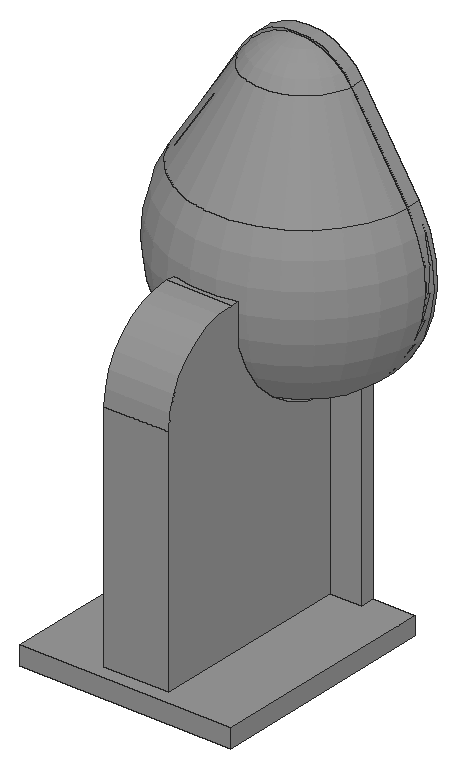
Revit family "Toilet-Willoughby-ETWS-1490-CM-TS", category Plumbing Fixtures, Revit 2015
Parameters (values of type "Standard")
  Waste DIA = 2 3/8"
  Waste Connection = yes
  W-RAD [instance] = Waste DIA / 2  # 0' - 1 3/16"
  Vent Connection = no
  URL = "https://www.willoughby-ind.com/wp-content/uploads/2018/01/ETWS-1490-CM.pdf"
  Type Comments = ""
  Revision = "A"
  Model = "ETWS-1490-CM-TS"
  Manufacturer = "Willoughby Industries"
  HW Connection = no
  Flush inlet DIA = 1 1/2"
  Flush Inlet Connection = yes
  Fixture Body = Stainless Steel AISI 304-Willoughby
  F-RAD [instance] = Flush inlet DIA / 2  # 0' - 0 3/4"
  Description = "Carrier Mounted Siphon Jet Flush Toilet, Top Spud"
  Default Elevation = 0' - 0"
  Contact Number = "(800) 428-4065"
  CW Connection = no
Reference planes (in)
  plane 1 "Base": y = -16.25
  plane 2: z = 0
  plane 3 "Center": x = 18.31072
  plane 4 "Seat HGT": y = -1.25
  plane 5: y = -2.125
  plane 6: x = 16.56072
  plane 7: x = 20.06072
  plane 8: x = 12.56072
  plane 9: x = 24.06072
  plane 10: z = 2.70924
  plane 11 "Waste HGT": y = -10.75
  plane 12 "Unit Base Off Floor": y = -13.75
Forms (in)
  Extrusion 1, solid, material "Stainless Steel AISI 304-Willoughby" <- "Fixture Body"
    sketch origin (16.08109, 7.47968, -5.1422) x (-1, 0, 0) y (0, 0, -1)
      loop
        line (1.29775, -16.80087) -> (1.29775, -6.1422) -> (-5.72963, -6.1422) -> (-5.72963, -16.81676)
        arc (-5.72963, -16.81676) -> (-8.98136, -21.11843) -> (-8.21015, -26.45542) r 7
        line (-8.21015, -26.45542) -> (-5.16818, -31.31054)
        arc (-5.16818, -31.31054) -> (-2.20225, -32.95225) -> (0.76368, -31.31054) r 3.5
        line (0.76368, -31.31054) -> (3.80565, -26.45542)
        arc (3.80565, -26.45542) -> (4.5729, -21.10311) -> (1.29775, -16.80087) r 7
      loop
        arc (2.03989, -24.70557) -> (-2.20225, -18.23804) -> (-6.44438, -24.70557) r 4.625
        line (-6.44438, -24.70557) -> (-4.04125, -30.23842)
        arc (-4.04125, -30.23842) -> (-2.20225, -31.45225) -> (-0.36324, -30.23842) r 2
        line (-0.36324, -30.23842) -> (2.03989, -24.70557)
    from 8.72968 to 9.5
  Revolve 2, solid, material "Stainless Steel AISI 304-Willoughby" <- "Fixture Body"
    sketch origin (19.37246, -1.52032, -1.93826) x (-1, 0, 0) y (0, 0, -1)
      loop
        line (1.06174, -12.59906) -> (1.06174, -12.84906)
        arc (1.06174, -12.84906) -> (6.96784, -16.33096) -> (6.78077, -23.18447) r 6.75
        line (6.78077, -23.18447) -> (3.81535, -27.91457)
        arc (3.81535, -27.91457) -> (2.63527, -29.03194) -> (1.06174, -29.43826) r 3.25
        line (1.06174, -29.43826) -> (1.06174, -29.68826)
        arc (1.06174, -29.68826) -> (2.75672, -29.25045) -> (4.02767, -28.04656) r 3.5
        line (4.02767, -28.04656) -> (7.06964, -23.19143)
        arc (7.06964, -23.19143) -> (7.15052, -16.14555) -> (1.06174, -12.59906) r 7
      axis (1.06174, -12.59906) -> (1.06174, -29.68826)
    angle from 0 to -180
  Extrusion 3, solid, material "Stainless Steel AISI 304-Willoughby" <- "Fixture Body"
    sketch origin (19.53334, -3.02032, -2.9508) x (0, 1, 0) y (0, 0, 1)
      loop
        line (-5.27082, 3.9508) -> (1, 3.9508) -> (1, 13.76086)
        arc (1, 13.76086) -> (-2.93256, 15.26109) -> (-5.27082, 18.76086) r 6.92744
        line (-5.27082, 18.76086) -> (-5.27082, 3.9508)
    from 0.52738 to -2.97262
  Extrusion 4, solid, material "Stainless Steel AISI 304-Willoughby" <- "Fixture Body"
    sketch origin (17.03334, 25.15042, -2.30581) x (0, 1, 0) y (0, 0, 1)
      loop
        line (-33.44156, 3.30581) -> (-33.44156, 20.30581) -> (-33.87467, 20.30581)
        arc (-33.87467, 20.30581) -> (-36.89808, 19.05347) -> (-38.15042, 16.03006) r 4.27575
        line (-38.15042, 16.03006) -> (-38.15042, 3.30581) -> (-33.44156, 3.30581)
    from -0.47262 to 3.02738
  Extrusion 5, solid, material "Stainless Steel AISI 304-Willoughby" <- "Fixture Body"
    sketch origin (4.30355, 0.58522, 0) x (1, 0, 0) y (0, 1, 0)
      loop
        circle (14.00717, -11.33522) r 1.1875
    from 5.5 to 0
  Extrusion 6, solid, material "Stainless Steel AISI 304-Willoughby" <- "Fixture Body"
    sketch origin (0, 1.11185, 0) x (1, 0, 0) y (0, 0, 1)
      loop
        circle (18.31072, 2.70924) r 0.75
    from 2.36185 to 1.42435
  Extrusion 7, solid, material "Stainless Steel AISI 304-Willoughby" <- "Fixture Body"
    sketch origin (0, -16.25, 0) x (1, 0, 0) y (0, 0, 1)
      loop
        line (24.06072, 0) -> (24.06072, 1) -> (12.56072, 1) -> (12.56072, 0) -> (24.06072, 0)
    from -15 to -2.5
Cuts and joins
  joined: Extrusion 1, Extrusion 3, Extrusion 4, Extrusion 7
Lines and regions (in)
  symbolic lines
    curve 1: line (11.28334, -2.02032, 0) -> (11.28334, -1.25, 0)
    curve 2: line (11.28334, -1.25, 0) -> (25.28334, -1.25, 0)
    curve 3: line (25.28334, -1.25, 0) -> (25.28334, -2.02032, 0)
    curve 4: arc (25.28334, -2.02032, 0) -> (23.08792, -6.65567, 0) -> (18.31072, -8.52239, 0) r 6.949
    curve 5: arc (18.31072, -8.52239, 0) -> (13.53397, -6.63646, 0) -> (11.28334, -2.02032, 0) r 7.09061
    curve 6: line (20.06072, -8.30831, 0) -> (20.06072, -13, 0)
    curve 7: line (20.06072, -13, 0) -> (16.56072, -13, 0)
    curve 8: line (16.56072, -13, 0) -> (16.56072, -8.29316, 0)
    curve 9: line (24.06072, -5.53097, 0) -> (24.06072, -13.75, 0)
    curve 10: line (24.06072, -13.75, 0) -> (12.56072, -13.75, 0)
    curve 11: line (12.56072, -13.75, 0) -> (12.56072, -5.52663, 0)
    curve 12: line (14.78334, -16.25, 11.65867) -> (14.78334, -16.25, 1)
    curve 13: line (14.78334, -16.25, 1) -> (12.56072, -16.25, 1)
    curve 14: line (12.56072, -16.25, 1) -> (12.56072, -16.25, 0)
    curve 15: line (12.56072, -16.25, 0) -> (24.06072, -16.25, 0)
    curve 16: line (24.06072, -16.25, 0) -> (24.06072, -16.25, 1)
    curve 17: line (24.06072, -16.25, 1) -> (21.81072, -16.25, 1)
    curve 18: line (21.81072, -16.25, 1) -> (21.81072, -16.25, 11.67456)
    curve 19: arc (21.81072, -16.25, 11.67456) -> (25.05562, -16.25, 15.94259) -> (24.31862, -16.25, 21.25317) r 6.98362
    curve 20: line (24.31862, -16.25, 21.25317) -> (21.25205, -16.25, 26.1639)
    curve 21: arc (21.25205, -16.25, 26.1639) -> (19.99152, -16.25, 27.34663) -> (18.31072, -16.25, 27.75) r 3.3743
    curve 22: arc (18.31072, -16.25, 27.75) -> (16.6278, -16.25, 27.31167) -> (15.31741, -16.25, 26.16835) r 3.79289
    curve 23: line (15.31741, -16.25, 26.16835) -> (12.35249, -16.25, 21.43905)
    curve 24: arc (12.35249, -16.25, 21.43905) -> (11.49002, -16.25, 16.03241) -> (14.78334, -16.25, 11.65867) r 7
    curve 30: line (18.31072, -13, 1) -> (18.31072, -13.75, 1)
    curve 31: line (18.31072, -13.75, 1) -> (18.31072, -13.75, 0)
    curve 32: line (18.31072, -13.75, 0) -> (18.31072, -1.25, 0)
    curve 33: line (18.31072, -1.25, 0) -> (18.31072, -1.25, 27.81005)
    curve 34: line (18.31072, -1.25, 27.81005) -> (18.31072, -2.02032, 27.81005)
    curve 35: arc (18.31072, -2.02032, 27.81005) -> (18.31072, -3.30332, 27.26109) -> (18.31072, -4.32667, 26.31229) r 4.08482
    curve 36: line (18.31072, -4.32667, 26.31229) -> (18.31072, -7.52822, 21.25317)
    curve 37: arc (18.31072, -7.52822, 21.25317) -> (18.31072, -8.24035, 19.69354) -> (18.31072, -8.50769, 18) r 6.3284
    curve 38: line (18.31072, -8.29114, 18) -> (18.31072, -8.72425, 18)
    curve 39: arc (18.31072, -8.72425, 18) -> (18.31072, -11.74766, 16.74766) -> (18.31072, -13, 13.72425) r 4.27575
    curve 40: line (18.31072, -13, 13.72425) -> (18.31072, -13, 1)
    curve 41: line (18.31072, -2.02032, 1) -> (18.31072, -2.02032, 11.65867)
    curve 42: line (18.31072, -2.02032, 11.65867) -> (18.31072, -1.25, 11.65867)
    curve 43: arc (18.31072, -2.02032, 10.81005) -> (18.31072, -5.95289, 12.31029) -> (18.31072, -8.29114, 15.81005) r 6.92744
    curve 44: line (18.31072, -8.29114, 15.81005) -> (18.31072, -8.29114, 18)
    curve 45: line (18.31072, -13, 1) -> (18.31072, -2.02032, 1)
    curve 46: line (18.31072, -2.02032, 1) -> (18.31072, -1.25, 1)
  symbolic lines, detail levels fine
    curve 25: arc (14.0412, -16.25, 19.56337) -> (18.28334, -16.25, 13.09585) -> (22.52547, -16.25, 19.56337) r 4.625
    curve 26: line (22.52547, -16.25, 19.56337) -> (20.12234, -16.25, 25.09622)
    curve 27: arc (20.12234, -16.25, 25.09622) -> (19.38317, -16.25, 25.97635) -> (18.28334, -16.25, 26.31005) r 2.01767
    curve 28: arc (18.28334, -16.25, 26.31005) -> (17.17969, -16.25, 25.98213) -> (16.44433, -16.25, 25.09622) r 1.9827
    curve 29: line (16.44433, -16.25, 25.09622) -> (14.0412, -16.25, 19.56337)
Dimensions and locks (in)
  plane 1 "Base" to plane 4 "Seat HGT" = 1' - 3"
  plane 1 "Base" to plane 11 "Waste HGT" = 0' - 5 1/2"
  plane 9 to plane 8 = 0' - 11 1/2"
  plane 8 to plane 9 = 0' - 11 1/2"
  plane 8 to plane 3 "Center" = 0' - 5 3/4"
  plane 1 "Base" to plane 12 "Unit Base Off Floor" = 0' - 2 1/2"
  "W-RAD": radius of Extrusion 5 sketch curve
  "F-RAD": radius of Extrusion 6 sketch curve
  aligned and locked: plane 3 "Center" to Extrusion 6 sketch curve
  aligned and locked: plane 10 to Extrusion 6 sketch curve
  aligned and locked: plane 11 "Waste HGT" to Extrusion 5 sketch curve
  aligned and locked: plane 3 "Center" to Extrusion 5 sketch curve
  aligned and locked: cut or joined group of Extrusion 1, Extrusion 3, Extrusion 4, Extrusion 7 to level
  aligned and locked: plane 4 "Seat HGT" to cut or joined group of Extrusion 1, Extrusion 3, Extrusion 4, Extrusion 7
Automatic sketch dimensions
  Extrusion 1 sketch curve to Extrusion 1 sketch curve = 0' - 0"  (x8)
  level to Extrusion 1 sketch curve = 0' - 1"
  plane 3 "Center" to Extrusion 1 sketch curve = 0' - 5.98052"
  Extrusion 1 sketch curve to Extrusion 1 sketch curve = 0' - 1.76576"  (x2)
  plane 3 "Center" to Extrusion 1 sketch curve = 0' - 3 1/2"
  plane 3 "Center" to Extrusion 1 sketch curve = 0' - 2.93855"
  Extrusion 1 sketch curve to Extrusion 1 sketch curve = 0' - 1.12693"  (x2)
  Extrusion 1 sketch curve to plane 3 "Center" = 0' - 0.02738"  (x2)
  Extrusion 1 sketch curve to plane 3 "Center" = 0' - 1.86639"
  Extrusion 1 sketch curve to plane 3 "Center" = 0' - 3.52738"
  Extrusion 1 sketch curve to plane 3 "Center" = 0' - 4 69/256"
  Extrusion 1 sketch curve to Extrusion 1 sketch curve = 0' - 10.65867"
  Extrusion 1 sketch curve to Extrusion 1 sketch curve = 0' - 0.01589"
  Extrusion 1 sketch curve to Extrusion 1 sketch curve = 0' - 6.06218"
  Extrusion 1 sketch curve to Extrusion 1 sketch curve = 0' - 1.74985"
  Extrusion 1 sketch curve to Extrusion 1 sketch curve = 0' - 4.74668"
  Extrusion 1 sketch curve to Extrusion 1 sketch curve = 0' - 0.78617"
  Extrusion 1 sketch curve to Extrusion 1 sketch curve = 0' - 1.07212"
  Revolve 2 sketch curve to Revolve 2 sketch curve = 0' - 0"  (x2)
  Revolve 2 sketch curve to plane 3 "Center" = 0' - 0"  (x3)
  plane 3 "Center" to Revolve 2 sketch curve = 0' - 0"
  Revolve 2 sketch curve to plane 3 "Center" = 0' - 2.75361"
  Revolve 2 sketch curve to Revolve 2 sketch curve = 0' - 0.21232"
  Revolve 2 sketch curve to Revolve 2 sketch curve = 0' - 2.96542"
  Revolve 2 sketch curve to Revolve 2 sketch curve = 0' - 0.28887"
  level to Revolve 2 sketch curve = 2' - 3 3/4"
  Revolve 2 sketch curve to Revolve 2 sketch curve = 0' - 0 1/4"
  Revolve 2 sketch curve to Revolve 2 sketch curve = 0' - 1.3917"
  Revolve 2 sketch curve to Revolve 2 sketch curve = 0' - 0.13199"
  Revolve 2 sketch curve to Revolve 2 sketch curve = 0' - 4.85513"
  Revolve 2 sketch curve to Revolve 2 sketch curve = 0' - 0.00696"
  Revolve 2 sketch curve to Revolve 2 sketch curve = 0' - 3 1/4"
  Revolve 2 sketch curve to Revolve 2 sketch curve = 0' - 3.3392"
  Revolve 2 sketch curve to Revolve 2 sketch curve = 0' - 2.4108"
  level to Extrusion 3 sketch curve = 0' - 1"
  plane 5 to Extrusion 3 sketch curve = 0' - 0.10468"
  plane 4 "Seat HGT" to Extrusion 3 sketch curve = 0' - 0.38413"
  Extrusion 3 sketch curve to Extrusion 3 sketch curve = 0' - 9.81005"
  Extrusion 3 sketch curve to Extrusion 3 sketch curve = 0' - 5"
  level to Extrusion 4 sketch curve = 0' - 1"
  Extrusion 4 sketch curve to Extrusion 4 sketch curve = 0' - 0.43311"
  Extrusion 4 sketch curve to Extrusion 4 sketch curve = 1' - 0.72425"
  Extrusion 7 sketch curve to plane 8 = 0' - 0"
  Extrusion 7 sketch curve to plane 9 = 0' - 0"
  Extrusion 7 sketch curve to level = 0' - 0"
  level to Extrusion 7 sketch curve = 0' - 1"
  Extrusion 3 sketch curve to Extrusion 3 sketch curve = 0' - 6.27082"
  Extrusion 4 sketch curve to plane 1 "Base" = 0' - 3 1/4"
  Extrusion 4 sketch curve to plane 11 "Waste HGT" = 0' - 2.02575"
  plane 4 "Seat HGT" to curve 1 = 0' - 0"
  curve 10 to plane 8 = 0' - 0"
  curve 7 to plane 6 = 0' - 0"
  curve 4 to plane 3 "Center" = 0' - 0"
  curve 5 to plane 3 "Center" = 0' - 0"
  curve 6 to plane 7 = 0' - 0"
  curve 9 to plane 9 = 0' - 0"
  curve 11 to plane 12 "Unit Base Off Floor" = 0' - 0"
  plane 5 to curve 1 = 0' - 0.10468"
  curve 1 to plane 8 = 0' - 1.27738"
  plane 3 "Center" to curve 4 = 0' - 0.038"
  plane 3 "Center" to curve 5 = 0' - 0.03877"
  curve 9 to curve 3 = 0' - 1.22262"
  plane 12 "Unit Base Off Floor" to curve 8 = 0' - 0 3/4"
  plane 5 to curve 3 = 0' - 0.10468"
  curve 24 to curve 25 = 0' - 0"  (x2)
  curve 15 to level = 0' - 0"
  curve 15 to plane 8 = 0' - 0"
  curve 22 to plane 3 "Center" = 0' - 0"
  curve 21 to plane 3 "Center" = 0' - 0"
  curve 15 to plane 9 = 0' - 0"
  curve 23 to plane 8 = 0' - 0.20823"
  curve 12 to plane 6 = 0' - 1.77738"
  curve 23 to plane 6 = 0' - 1.24331"
  curve 27 to plane 3 "Center" = 0' - 0.03902"
  curve 27 to curve 28 = 0' - 0.0002"
  curve 25 to plane 3 "Center" = 0' - 0.02738"
  curve 19 to plane 3 "Center" = 0' - 0.011"
  plane 3 "Center" to curve 21 = 0' - 0.07924"
  plane 3 "Center" to curve 22 = 0' - 0.08907"
  plane 7 to curve 26 = 0' - 0.06162"
  plane 7 to curve 20 = 0' - 1.19133"
  plane 7 to curve 18 = 0' - 1 3/4"
  curve 26 to plane 9 = 0' - 1.53525"
  plane 9 to curve 20 = 0' - 0.2579"
  level to curve 13 = 0' - 1"
  level to curve 17 = 0' - 1"
  plane 10 to curve 12 = 0' - 8.94943"
  curve 12 to curve 18 = 0' - 0.01589"
  curve 18 to curve 19 = 0' - 6.03688"
  curve 19 to curve 25 = 0' - 0.00941"
  curve 26 to curve 19 = 0' - 1.6898"
  curve 25 to curve 22 = 0' - 4.39478"
  curve 22 to curve 27 = 0' - 0.33426"
  curve 27 to curve 28 = 0' - 0.03496"
  curve 28 to curve 21 = 0' - 0.04925"
  curve 26 to curve 21 = 0' - 1.06768"
  plane 8 to curve 25 = 0' - 1 123/256"
  curve 28 to plane 6 = 0' - 0.11639"
  curve 28 to curve 27 = 0' - 0"
  curve 30 to plane 12 "Unit Base Off Floor" = 0' - 0"
  curve 33 to level = 0' - 0"
  curve 46 to plane 4 "Seat HGT" = 0' - 0"
  plane 12 "Unit Base Off Floor" to curve 30 = 0' - 0 3/4"
  curve 39 to plane 11 "Waste HGT" = 0' - 2.02575"
  curve 39 to curve 38 = 0' - 0.43311"
  curve 36 to plane 11 "Waste HGT" = 0' - 3.22178"
  curve 36 to plane 5 = 0' - 2.20167"
  curve 37 to plane 5 = 0' - 0.05565"
  plane 5 to curve 45 = 0' - 0.10468"
  plane 5 to curve 34 = 0' - 0.10468"
  plane 4 "Seat HGT" to curve 43 = 0' - 0.38413"
  curve 35 to plane 4 "Seat HGT" = 0' - 0.17143"
  level to curve 31 = 0' - 1"
  plane 10 to curve 42 = 0' - 8.94943"
  curve 41 to curve 39 = 0' - 2.06558"
  curve 39 to curve 44 = 0' - 2.0858"
  curve 42 to curve 43 = 0' - 6.06805"
  curve 43 to curve 37 = 0' - 0.14236"
  curve 38 to curve 36 = 0' - 3.25317"
  curve 37 to curve 35 = 0' - 5.9662"
  curve 35 to curve 36 = 0' - 2.47702"
Connectors (in)
  piping at (18.31072, -10.75, 0), diameter 2.375, driven by "W-RAD", driven by "Waste Connection"
    settings: on Extrusion 5, index 1, connector inside diameter 2 1/2", connector length 0' - 0", flow factor 0, pipe flow 0 GPM, pressure drop 0.00 psi, fitting loss kfactor 0, connector angle 0.00°, fixture units 0, engagement length 0' - 0", angle of deflection 0.00°, flow configuration 0, flow direction 2, fitting loss method 0, system type 16, joint type 0, gender type 0, connector reference index -1, connector utility 1, adjustable connector yes, is connector primary yes, connector description "Toilet Waste"
  piping at (18.31072, -0.3125, 2.70924), diameter 1.5, driven by "F-RAD", driven by "Flush Inlet Connection"
    settings: on Extrusion 6, index 2, connector inside diameter 1 1/2", connector length 0' - 0", flow factor 0, pipe flow 0 GPM, pressure drop 0.00 psi, fitting loss kfactor 0, connector angle 0.00°, fixture units 0, engagement length 0' - 0", angle of deflection 0.00°, flow configuration 0, flow direction 1, fitting loss method 0, system type 20, joint type 0, gender type 0, connector reference index -1, connector utility 1, adjustable connector no, is connector primary no, connector description "Flush Inlet"
